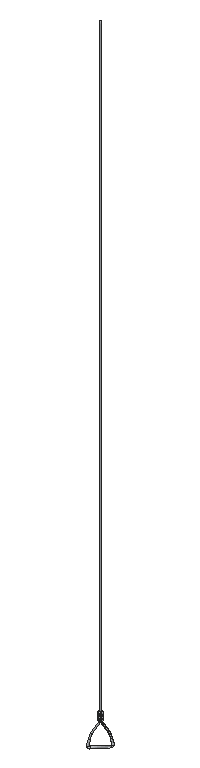
Revit family "Wire-HunterDouglas-Open-Cell", category Specialty Equipment, Revit 2012
Parameters (values of type "Parametric")
  ecoScorecard_data = "http://products.ecoscorecard.com/hunterdouglascontract/COC"
  ecoScorecard Product Page = "http://hunterdouglascontract.ecoscorecard.com/product/COC?base_search=product_category_A1035"
  Wire Hanger = Metal - Aluminum Frame - HunterDouglas - Painted White
  URL = "http://www.hunterdouglascontract.com/ceilings/index.jsp"
  Subcategory = "Metal – Cell Ceilings"  # constant formula
  Product Line = "Open Cell"  # constant formula
  Model = "Open Cell Hanger_Wire"  # constant formula
  Manufacturer = "Hunter Douglas Luxalon Metal Ceilings"  # constant formula
  Hanger Wire Height [instance] = 3' - 0"
  Description = "Hanger_Wire"  # constant formula
  Assembly Code = "C3030200"
  95 CSI = "09510"  # constant formula
  04 CSI = "09 51 00"  # constant formula
Reference planes (in)
  plane 1 "Center (Front/Back)": y = 0
  plane 2: z = 0
  plane 3 "Center (Left/Right)": x = 0
  plane 4: x = -0.77248
  plane 5: x = 0.77248
  plane 6: z = 2.4375
  plane 7: z = 2.5
  plane 8: z = 36
  plane 9: z = 36.21875
Dimensions and locks (in)
  equal spacing: plane 4, plane 3 "Center (Left/Right)", plane 5
  plane 4 to plane 5 = 0' - 1.54495"
  locked: plane 6 to plane 7 at 0.0625
  locked: plane 6 to level at 2.4375
  "Hanger Wire Height": plane 8 to level
  locked: plane 9 to plane 8 at 0.21875
  aligned and locked: level to plane 2
  aligned and locked: plane 3 "Center (Left/Right)" to nested 1
  aligned and locked: plane 1 "Center (Front/Back)" to nested 1
  aligned and locked: plane 6 to nested 1
Nested families (in)
  nested 1: "Wire" at (0, 0, 0), type "Wire"
Definition of nested family "Wire"
  Parameters (values of type "Wire")
    Wire Hanger = Metal - Aluminum Frame - HunterDouglas - Painted White
    URL = "http://www.hunterdouglascontract.com/ceilings/index.jsp"
    Subcategory = "Metal – Cell Ceilings"  # constant formula
    Product Line = "Open Cell"  # constant formula
    Model = "Open Cell Hanger_Wire"  # constant formula
    Manufacturer = "Hunter Douglas Luxalon Metal Ceilings"  # constant formula
    HangerWire Length = 3' - 0"
    Description = "Hanger_Wire"  # constant formula
    Assembly Code = "C3030200"
    95 CSI = "09510"  # constant formula
    04 CSI = "09 51 00"  # constant formula
  Reference planes (in)
    plane 1 "Center (Front/Back)": y = 0
    plane 2: z = 0
    plane 3 "Center (Left/Right)": x = 0
    plane 4: x = -0.77248
    plane 5: x = 0.77248
    plane 6: z = 2.4375
    plane 7: z = 2.5
    plane 8: z = 36
    plane 9: z = 36.21875
  Forms (in)
    Sweep 1, solid, material "Metal - Aluminum Frame - HunterDouglas - Painted White" <- "Wire Hanger", detail levels fine
      path origin (0, 0, 0) x (0.707107, 0.707107, 0) y (0, 0, 1)
        loop
          line (0.03125, 36.21875) -> (0.03125, 3.70793) -> (0.38236, 3.14135)
          arc (0.38236, 3.14135) -> (0.44435, 3.01623) -> (0.48166, 2.88166) r 0.73777
          line (0.48166, 2.88166) -> (0.5376, 2.56649)
          arc (0.5376, 2.56649) -> (0.51364, 2.47677) -> (0.42949, 2.4375) r 0.1098
          line (0.42949, 2.4375) -> (-0.42976, 2.4375)
          arc (-0.42976, 2.4375) -> (-0.51374, 2.47669) -> (-0.53765, 2.56622) r 0.10957
          line (-0.53765, 2.56622) -> (-0.48246, 2.87715)
          arc (-0.48246, 2.87715) -> (-0.44395, 3.01607) -> (-0.37995, 3.14524) r 0.76163
          line (-0.37995, 3.14524) -> (-0.0384, 3.69638)
      profile origin (-0.0001, -0.0001, 2.4375) x (0, 0, -1) y (0.707107, -0.707107, 0)
        loop
          circle (-0.03125, 0) r 0.03125
    Revolve 2, solid, material "Metal - Aluminum Frame - HunterDouglas - Painted White" <- "Wire Hanger", detail levels fine
      sketch origin (0.00705, -1.10535, 0.17393) x (0, 0.947216, -0.320596) y (0, 0.320596, 0.947216)
        loop
          line (-0.19925, 4.08974) -> (-0.26999, 4.08974)
          arc (-0.26999, 4.08974) -> (-0.30124, 4.05849) -> (-0.26999, 4.02724) r 0.03125
          line (-0.26999, 4.02724) -> (-0.19925, 4.02724) -> (-0.19925, 4.08974)
        axis (-0.19925, 4.02724) -> (-0.19925, 4.08974)
      angle from 0 to 360
    Revolve 3, solid, material "Metal - Aluminum Frame - HunterDouglas - Painted White" <- "Wire Hanger", detail levels fine
      sketch origin (0.00705, -1.10535, 0.04197) x (0, 0.947216, -0.320596) y (0, 0.320596, 0.947216)
        loop
          line (-0.19925, 4.08974) -> (-0.26999, 4.08974)
          arc (-0.26999, 4.08974) -> (-0.30124, 4.05849) -> (-0.26999, 4.02724) r 0.03125
          line (-0.26999, 4.02724) -> (-0.19925, 4.02724) -> (-0.19925, 4.08974)
        axis (-0.19925, 4.02724) -> (-0.19925, 4.08974)
      angle from 0 to 360
    Revolve 4, solid, material "Metal - Aluminum Frame - HunterDouglas - Painted White" <- "Wire Hanger", detail levels fine
      sketch origin (0.00705, -1.10535, 0.10916) x (0, 0.947216, -0.320596) y (0, 0.320596, 0.947216)
        loop
          line (-0.19925, 4.08974) -> (-0.26999, 4.08974)
          arc (-0.26999, 4.08974) -> (-0.30124, 4.05849) -> (-0.26999, 4.02724) r 0.03125
          line (-0.26999, 4.02724) -> (-0.19925, 4.02724) -> (-0.19925, 4.08974)
        axis (-0.19925, 4.02724) -> (-0.19925, 4.08974)
      angle from 0 to 360
    Revolve 5, solid, material "Metal - Aluminum Frame - HunterDouglas - Painted White" <- "Wire Hanger", detail levels fine
      sketch origin (0.00705, -1.10535, -0.02357) x (0, 0.947216, -0.320596) y (0, 0.320596, 0.947216)
        loop
          line (-0.19925, 4.08974) -> (-0.26999, 4.08974)
          arc (-0.26999, 4.08974) -> (-0.30124, 4.05849) -> (-0.26999, 4.02724) r 0.03125
          line (-0.26999, 4.02724) -> (-0.19925, 4.02724) -> (-0.19925, 4.08974)
        axis (-0.19925, 4.02724) -> (-0.19925, 4.08974)
      angle from 0 to 360
    Revolve 6, solid, material "Metal - Aluminum Frame - HunterDouglas - Painted White" <- "Wire Hanger", detail levels fine
      sketch origin (0.00705, -1.10535, -0.08912) x (0, 0.947216, -0.320596) y (0, 0.320596, 0.947216)
        loop
          line (-0.19925, 4.08974) -> (-0.26999, 4.08974)
          arc (-0.26999, 4.08974) -> (-0.30124, 4.05849) -> (-0.26999, 4.02724) r 0.03125
          line (-0.26999, 4.02724) -> (-0.19925, 4.02724) -> (-0.19925, 4.08974)
        axis (-0.19925, 4.02724) -> (-0.19925, 4.08974)
      angle from 0 to 360
    Revolve 7, solid, material "Metal - Aluminum Frame - HunterDouglas - Painted White" <- "Wire Hanger", detail levels fine
      sketch origin (0.00705, -1.10535, -0.15857) x (0, 0.947216, -0.320596) y (0, 0.320596, 0.947216)
        loop
          line (-0.19925, 4.08974) -> (-0.26999, 4.08974)
          arc (-0.26999, 4.08974) -> (-0.30124, 4.05849) -> (-0.26999, 4.02724) r 0.03125
          line (-0.26999, 4.02724) -> (-0.19925, 4.02724) -> (-0.19925, 4.08974)
        axis (-0.19925, 4.02724) -> (-0.19925, 4.08974)
      angle from 0 to 360
  Lines and regions (in)
    model lines, style "Wire", detail levels coarse+medium
      curve 1: line (0, 0, 36) -> (0, 0, 2.5)
    symbolic lines, style "Wire", detail levels fine
      curve 2: line (-0.38204, -0.33784, 0) -> (-0.08282, -0.03863, 0)
      curve 3: line (0.38204, 0.33784, 0) -> (0.09664, 0.05243, 0)
      curve 4: arc (0.33784, 0.38204, 0) -> (0.38204, 0.38204, 0) -> (0.38204, 0.33784, 0) r 0.03125
      curve 5: arc (-0.38204, -0.33784, 0) -> (-0.38204, -0.38204, 0) -> (-0.33784, -0.38204, 0) r 0.03125
      curve 6: circle (0.00691, 0.00691, 0) r 0.10062 normal (0, 0, 1)
      curve 7: circle (0, 0, 0) r 0.03125 normal (0, 0, 1)
      curve 8: line (0.05244, 0.09663, 0) -> (0.33784, 0.38204, 0)
      curve 9: line (-0.03862, -0.08282, 0) -> (-0.33784, -0.38204, 0)
      curve 14: line (-0.03122, 0, 36.21875) -> (0.03122, 0, 36.21875)
      curve 15: line (0.03122, 0, 36.21875) -> (0.03122, 0, 4.1081)
      curve 16: line (-0.02999, 0, 3.69117) -> (-0.27048, 0, 3.16052)
      curve 17: line (-0.39791, 0, 2.57083) -> (-0.33782, 0, 2.89346)
      curve 18: arc (-0.33782, 0, 2.89346) -> (-0.3161, 0, 3.03) -> (-0.27048, 0, 3.16052) r 0.77561
      curve 19: arc (-0.39791, 0, 2.57083) -> (-0.37867, 0, 2.48393) -> (-0.30275, 0, 2.4375) r 0.11373
      curve 20: line (0.08629, 0, 3.61911) -> (-0.02999, 0, 3.69117)
      curve 21: spline (-0.03122, 0, 3.69014) -> (-0.02944, 0, 3.69066) -> (-0.02594, 0, 3.69166) -> (-0.02092, 0, 3.6931) -> (-0.01467, 0, 3.69489) -> (-0.00756, 0, 3.69692) -> (0, 0, 3.69907) -> (0.00755, 0, 3.70122) -> (0.01466, 0, 3.70324) -> (0.02091, 0, 3.70501) -> (0.02594, 0, 3.70643) -> (0.02944, 0, 3.70742) -> (0.03122, 0, 3.70792)
      curve 22: line (0.00884, 0, 3.62544) -> (-0.21356, 0, 3.13472)
      curve 23: arc (-0.2757, 0, 2.88565) -> (-0.25593, 0, 3.013) -> (-0.21356, 0, 3.13472) r 0.71311
      curve 24: line (-0.33647, 0, 2.55939) -> (-0.2757, 0, 2.88565)
      curve 25: arc (-0.33647, 0, 2.55939) -> (-0.3278, 0, 2.52024) -> (-0.2936, 0, 2.49933) r 0.05123
      curve 26: line (0.03122, 0, 36.21875) -> (-0.03122, 0, 36.21875)
      curve 27: line (-0.03122, 0, 36.21875) -> (-0.03122, 0, 4.1296)
      curve 28: line (-0.2936, 0, 2.49933) -> (0, 0, 2.49933)
      curve 29: line (0, 0, 2.4375) -> (-0.30275, 0, 2.4375)
      curve 30: line (-0.03122, 0, 3.73252) -> (-0.03122, 0, 3.68845)
      curve 31: line (0.03122, 0, 3.68845) -> (0.27048, 0, 3.16052)
      curve 32: line (0.39791, 0, 2.57083) -> (0.33782, 0, 2.89346)
      curve 33: arc (0.33782, 0, 2.89346) -> (0.3161, 0, 3.03) -> (0.27048, 0, 3.16052) r 0.77561
      curve 34: arc (0.39791, 0, 2.57083) -> (0.37867, 0, 2.48393) -> (0.30275, 0, 2.4375) r 0.11373
      curve 35: spline (0.03122, 0, 3.69014) -> (0.02944, 0, 3.69066) -> (0.02594, 0, 3.69166) -> (0.02092, 0, 3.6931) -> (0.01467, 0, 3.69489) -> (0.00756, 0, 3.69692) -> (0, 0, 3.69907) -> (-0.00755, 0, 3.70122) -> (-0.01466, 0, 3.70324) -> (-0.02091, 0, 3.70501) -> (-0.02594, 0, 3.70643) -> (-0.02944, 0, 3.70742) -> (-0.03122, 0, 3.70792)
      curve 36: line (-0.00884, 0, 3.62544) -> (0.21356, 0, 3.13472)
      curve 37: arc (0.2757, 0, 2.88565) -> (0.25593, 0, 3.013) -> (0.21356, 0, 3.13472) r 0.71311
      curve 38: line (0.33647, 0, 2.55939) -> (0.2757, 0, 2.88565)
      curve 39: arc (0.33647, 0, 2.55939) -> (0.3278, 0, 2.52024) -> (0.2936, 0, 2.49933) r 0.05123
      curve 40: line (0.2936, 0, 2.49933) -> (0, 0, 2.49933)
      curve 41: line (0, 0, 2.4375) -> (0.30275, 0, 2.4375)
      curve 42: line (0.03122, 0, 3.73252) -> (0.03122, 0, 3.68845)
      curve 43: line (0, 0.03122, 3.68845) -> (0, 0.27048, 3.16052)
      curve 44: line (0, 0.39791, 2.57083) -> (0, 0.33782, 2.89346)
      curve 45: arc (0, 0.33782, 2.89346) -> (0, 0.3161, 3.03) -> (0, 0.27048, 3.16052) r 0.77561
      curve 46: arc (0, 0.39791, 2.57083) -> (0, 0.37867, 2.48393) -> (0, 0.30275, 2.4375) r 0.11373
      curve 47: line (0, -0.00884, 3.62544) -> (0, 0.21356, 3.13472)
      curve 48: arc (0, 0.2757, 2.88565) -> (0, 0.25593, 3.013) -> (0, 0.21356, 3.13472) r 0.71311
      curve 49: line (0, 0.33647, 2.55939) -> (0, 0.2757, 2.88565)
      curve 50: arc (0, 0.33647, 2.55939) -> (0, 0.3278, 2.52024) -> (0, 0.2936, 2.49933) r 0.05123
      curve 51: line (0, 0.2936, 2.49933) -> (0, 0, 2.49933)
      curve 52: line (0, 0, 2.4375) -> (0, 0.30275, 2.4375)
      curve 53: line (0, -0.03122, 3.68845) -> (0, -0.27048, 3.16052)
      curve 54: line (0, -0.39791, 2.57083) -> (0, -0.33782, 2.89346)
      curve 55: arc (0, -0.33782, 2.89346) -> (0, -0.3161, 3.03) -> (0, -0.27048, 3.16052) r 0.77561
      curve 56: arc (0, -0.39791, 2.57083) -> (0, -0.37867, 2.48393) -> (0, -0.30275, 2.4375) r 0.11373
      curve 57: line (0, 0.00884, 3.62544) -> (0, -0.21356, 3.13472)
      curve 58: arc (0, -0.2757, 2.88565) -> (0, -0.25593, 3.013) -> (0, -0.21356, 3.13472) r 0.71311
      curve 59: line (0, -0.33647, 2.55939) -> (0, -0.2757, 2.88565)
      curve 60: arc (0, -0.33647, 2.55939) -> (0, -0.3278, 2.52024) -> (0, -0.2936, 2.49933) r 0.05123
      curve 61: line (0, -0.2936, 2.49933) -> (0, 0, 2.49933)
      curve 62: line (0, 0, 2.4375) -> (0, -0.30275, 2.4375)
      curve 63: line (0, -0.03122, 3.73252) -> (0, -0.03122, 3.68845)
      curve 64: line (0, -0.04684, 4.13498) -> (0, 0.08788, 4.08859)
      curve 65: line (0, -0.07537, 4.07858) -> (0, 0.06749, 4.02939)
      curve 66: arc (0, 0.08788, 4.08859) -> (0, 0.10729, 4.0488) -> (0, 0.06749, 4.02939) r 0.03131
      curve 67: arc (0, -0.04684, 4.13498) -> (0, -0.08569, 4.11922) -> (0, -0.07537, 4.07858) r 0.0319
      curve 68: arc (0, 0.08788, 4.02237) -> (0, 0.10784, 3.98437) -> (0, 0.0711, 3.96216) r 0.03131
      curve 69: arc (0, -0.04684, 4.06876) -> (0, -0.08551, 4.05335) -> (0, -0.07602, 4.01282) r 0.0319
      curve 70: line (0, -0.07602, 4.01282) -> (0, 0.0711, 3.96216)
      curve 71: arc (0, 0.08788, 3.95615) -> (0, 0.10784, 3.91815) -> (0, 0.0711, 3.89594) r 0.03131
      curve 72: arc (0, -0.04684, 4.00254) -> (0, -0.08551, 3.98713) -> (0, -0.07602, 3.9466) r 0.0319
      curve 73: line (0, -0.07602, 3.9466) -> (0, 0.0711, 3.89594)
      curve 74: arc (0, 0.08788, 3.88993) -> (0, 0.10784, 3.85193) -> (0, 0.0711, 3.82972) r 0.03131
      curve 75: arc (0, -0.04684, 3.93632) -> (0, -0.08551, 3.92091) -> (0, -0.07602, 3.88038) r 0.0319
      curve 76: line (0, -0.07602, 3.88038) -> (0, 0.0711, 3.82972)
      curve 77: arc (0, 0.08788, 3.82371) -> (0, 0.10784, 3.78571) -> (0, 0.0711, 3.7635) r 0.03131
      curve 78: arc (0, -0.04684, 3.8701) -> (0, -0.08551, 3.85469) -> (0, -0.07602, 3.81416) r 0.0319
      curve 79: line (0, -0.07602, 3.81416) -> (0, 0.0711, 3.7635)
      curve 80: arc (0, 0.08788, 3.75749) -> (0, 0.10784, 3.71949) -> (0, 0.0711, 3.69728) r 0.03131
      curve 81: arc (0, -0.04684, 3.80388) -> (0, -0.08551, 3.78847) -> (0, -0.07602, 3.74794) r 0.0319
      curve 82: line (0, -0.07602, 3.74794) -> (0, 0.0711, 3.69728)
      curve 83: line (0, -0.03122, 3.73252) -> (0, -0.03122, 3.68845)
      curve 84: spline (0, 0.03122, 3.69014) -> (0, 0.02944, 3.69066) -> (0, 0.02594, 3.69166) -> (0, 0.02092, 3.6931) -> (0, 0.01467, 3.69489) -> (0, 0.00756, 3.69692) -> (0, 0, 3.69907) -> (0, -0.00755, 3.70122) -> (0, -0.01466, 3.70324) -> (0, -0.02091, 3.70501) -> (0, -0.02594, 3.70643) -> (0, -0.02944, 3.70742) -> (0, -0.03122, 3.70792)
      curve 85: line (0, 0.03122, 3.71102) -> (0, 0.03122, 3.68845)
    symbolic lines, style "Wire"
      curve 10: line (0, 0.03125, 36.21875) -> (0, -0.03125, 36.21875)
      curve 11: line (0, -0.03125, 36.21875) -> (0, -0.03125, 4.05165)
      curve 12: arc (0, 0.03125, 4.05165) -> (0, 0, 4.04216) -> (0, -0.03125, 4.05165) r 0.05621
      curve 13: line (0, 0.03125, 4.05165) -> (0, 0.03125, 36.21875)
      curve 86: arc (-0.07801, 0, 3.78381) -> (-0.09482, 0, 3.81838) -> (-0.07483, 0, 3.85122) r 0.04011
      curve 87: arc (-0.07459, 0, 3.85136) -> (-0.03526, 0, 3.86711) -> (0.00686, 0, 3.87167) r 0.15569
      curve 88: arc (0.09173, 0, 3.78381) -> (0.10854, 0, 3.81838) -> (0.08855, 0, 3.85122) r 0.04011
      curve 89: arc (0.0883, 0, 3.85136) -> (0.04898, 0, 3.86711) -> (0.00686, 0, 3.87167) r 0.15569
      curve 90: arc (-0.07483, 0, 3.85122) -> (-0.09482, 0, 3.88413) -> (-0.07788, 0, 3.91872) r 0.04011
      curve 91: arc (-0.07459, 0, 3.92081) -> (-0.03526, 0, 3.93656) -> (0.00686, 0, 3.94112) r 0.15569
      curve 92: arc (0.08855, 0, 3.85122) -> (0.10858, 0, 3.88609) -> (0.0883, 0, 3.92081) r 0.04011
      curve 93: arc (0.0883, 0, 3.92081) -> (0.04898, 0, 3.93656) -> (0.00686, 0, 3.94112) r 0.15569
      curve 94: arc (-0.07788, 0, 3.91872) -> (-0.09482, 0, 3.95344) -> (-0.07459, 0, 3.98635) r 0.04011
      curve 95: arc (-0.07459, 0, 3.98635) -> (-0.03526, 0, 4.0021) -> (0.00686, 0, 4.00666) r 0.15569
      curve 96: arc (0.0916, 0, 3.91872) -> (0.10853, 0, 3.95344) -> (0.0883, 0, 3.98635) r 0.04011
      curve 97: arc (0.0883, 0, 3.98635) -> (0.04898, 0, 4.0021) -> (0.00686, 0, 4.00666) r 0.15569
      curve 98: arc (-0.07788, 0, 3.98426) -> (-0.09486, 0, 4.01703) -> (-0.07788, 0, 4.0498) r 0.04011
      curve 99: arc (-0.07459, 0, 4.05189) -> (-0.03526, 0, 4.06764) -> (0.00686, 0, 4.0722) r 0.15569
      curve 100: arc (0.0916, 0, 3.98426) -> (0.10858, 0, 4.01703) -> (0.0916, 0, 4.0498) r 0.04011
      curve 101: arc (0.0883, 0, 4.05189) -> (0.04898, 0, 4.06764) -> (0.00686, 0, 4.0722) r 0.15569
      curve 102: arc (-0.07788, 0, 4.0498) -> (-0.09482, 0, 4.08452) -> (-0.07459, 0, 4.11744) r 0.04011
      curve 103: arc (-0.07459, 0, 4.11744) -> (-0.03526, 0, 4.13318) -> (0.00686, 0, 4.13774) r 0.15569
      curve 104: arc (0.0916, 0, 4.0498) -> (0.10853, 0, 4.08452) -> (0.0883, 0, 4.11744) r 0.04011
      curve 105: arc (0.0883, 0, 4.11744) -> (0.04898, 0, 4.13318) -> (0.00686, 0, 4.13774) r 0.15569
      curve 106: arc (-0.07788, 0, 3.71818) -> (-0.09482, 0, 3.75291) -> (-0.07459, 0, 3.78582) r 0.04011
      curve 107: arc (-0.07801, 0, 3.78381) -> (-0.03718, 0, 3.80107) -> (0.00686, 0, 3.80613) r 0.15569
      curve 108: arc (0.0916, 0, 3.71818) -> (0.10853, 0, 3.75291) -> (0.0883, 0, 3.78582) r 0.04011
      curve 109: arc (0.09173, 0, 3.78381) -> (0.0509, 0, 3.80107) -> (0.00686, 0, 3.80613) r 0.15569
      curve 110: arc (-0.07788, 0, 3.71818) -> (-0.05245, 0, 3.70483) -> (-0.02439, 0, 3.69871) r 0.10721
      curve 111: arc (0.0916, 0, 3.71818) -> (0.06617, 0, 3.70483) -> (0.03811, 0, 3.69871) r 0.10721
  Dimensions and locks (in)
    equal spacing: plane 4, plane 3 "Center (Left/Right)", plane 5
    plane 4 to plane 5 = 0' - 1.54495"
    locked: plane 6 to plane 7 at 0.0625
    locked: plane 6 to level at 2.4375
    "HangerWire Length": plane 8 to level
    locked: plane 9 to plane 8 at 0.21875
    aligned and locked: level to plane 2
    aligned and locked: Sweep 1 sketch curve to plane 6
    aligned and locked: curve 1 to plane 3 "Center (Left/Right)"
    aligned and locked: plane 7 to curve 1
    aligned and locked: plane 8 to curve 1
    aligned and locked: plane 9 to curve 26
    aligned and locked: plane 9 to Sweep 1 sketch curve
    aligned and locked: curve 10 to plane 9
  Automatic sketch dimensions
    curve 12 to plane 1 "Center (Front/Back)" = 0' - 0"
    plane 1 "Center (Front/Back)" to curve 11 = 0' - 0 1/32"
    curve 13 to plane 1 "Center (Front/Back)" = 0' - 0 1/32"
    curve 12 to curve 12 = 0' - 0.04672"
    curve 18 to curve 23 = 0' - 0"  (x2)
    curve 19 to curve 25 = 0' - 0"  (x2)
    curve 33 to curve 37 = 0' - 0"  (x2)
    curve 34 to curve 39 = 0' - 0"  (x2)
    curve 19 to plane 6 = 0' - 0"
    curve 41 to plane 3 "Center (Left/Right)" = 0' - 0"
    curve 40 to plane 3 "Center (Left/Right)" = 0' - 0"
    curve 35 to plane 3 "Center (Left/Right)" = 0' - 0"
    curve 36 to plane 3 "Center (Left/Right)" = 0' - 0.00884"
    curve 16 to plane 3 "Center (Left/Right)" = 0' - 0.02999"
    curve 14 to plane 3 "Center (Left/Right)" = 0' - 0.03122"
    curve 35 to curve 16 = 0' - 0.00123"
    curve 21 to curve 21 = 0' - 0.00021"
    curve 22 to plane 3 "Center (Left/Right)" = 0' - 0.21356"
    curve 18 to curve 23 = 0' - 0.05693"
    curve 23 to curve 22 = 0' - 0.06215"
    plane 7 to curve 19 = 0' - 0.05001"
    curve 19 to plane 3 "Center (Left/Right)" = 0' - 0.2861"
    curve 25 to plane 7 = 0' - 0.00067"
    curve 25 to curve 19 = 0' - 0.0075"
    curve 29 to curve 28 = 0' - 0.00915"
    curve 25 to curve 19 = 0' - 0.05037"
    curve 17 to curve 23 = 0' - 0.06212"
    plane 7 to curve 17 = 0' - 0.07083"
    curve 37 to curve 17 = 0' - 0.09814"
    plane 3 "Center (Left/Right)" to curve 21 = 0' - 0"
    plane 3 "Center (Left/Right)" to curve 22 = 0' - 0.00884"
    plane 3 "Center (Left/Right)" to curve 42 = 0' - 0.03122"
    plane 3 "Center (Left/Right)" to curve 14 = 0' - 0.03122"
    curve 35 to curve 31 = 0' - 0"
    curve 35 to curve 35 = 0' - 0.00021"
    curve 22 to curve 20 = 0' - 0.07745"
    plane 3 "Center (Left/Right)" to curve 37 = 0' - 0.21356"
    curve 36 to curve 31 = 0' - 0.05693"
    curve 37 to curve 38 = 0' - 0.06215"
    plane 7 to curve 39 = 0' - 0.05001"
    plane 3 "Center (Left/Right)" to curve 39 = 0' - 0.2861"
    curve 34 to curve 40 = 0' - 0.0075"
    curve 39 to curve 34 = 0' - 0.00915"
    curve 34 to curve 39 = 0' - 0.05037"
    curve 38 to curve 33 = 0' - 0.06212"
    curve 38 to curve 34 = 0' - 0.06144"
    curve 33 to curve 23 = 0' - 0.09814"
    curve 19 to curve 33 = 0' - 0 69/256"
    curve 34 to curve 18 = 0' - 0 69/256"
    curve 33 to curve 23 = 0' - 0.04529"
    curve 18 to curve 37 = 0' - 0.04529"
    curve 38 to curve 32 = 0' - 0 1/128"
    curve 23 to curve 18 = 0' - 0 1/128"
    curve 33 to curve 20 = 0' - 0.4586"
    curve 20 to curve 36 = 0' - 0.00633"
    curve 22 to curve 36 = 0' - 0"
    curve 36 to curve 30 = 0' - 0.06301"
    curve 42 to curve 16 = 0' - 0.00272"
    curve 31 to curve 35 = 0' - 0.00163"
    curve 30 to curve 21 = 0' - 0.00163"
    curve 35 to curve 35 = 0' - 0.00006"
    curve 21 to curve 21 = 0' - 0.00006"
    curve 35 to curve 30 = 0' - 0.0246"
    curve 21 to curve 42 = 0' - 0.0246"
    curve 42 to curve 15 = 0' - 0.37558"
    curve 15 to curve 27 = 0' - 0.0215"
    plane 1 "Center (Front/Back)" to curve 7 = 0' - 0"
    curve 7 to plane 3 "Center (Left/Right)" = 0' - 0"
    curve 9 to plane 3 "Center (Left/Right)" = 0' - 0.03862"
    plane 1 "Center (Front/Back)" to curve 2 = 0' - 0.03863"
    curve 2 to curve 9 = 0' - 0.0442"
    curve 5 to plane 3 "Center (Left/Right)" = 0' - 0.33784"
    curve 5 to curve 9 = 0' - 0.0221"
    curve 5 to curve 5 = 0' - 0.0221"
    plane 3 "Center (Left/Right)" to curve 6 = 0' - 0.00691"
    plane 3 "Center (Left/Right)" to curve 8 = 0' - 0.05244"
    curve 8 to curve 3 = 0' - 0.0442"
    plane 3 "Center (Left/Right)" to curve 4 = 0' - 0.33784"
    curve 4 to curve 4 = 0' - 0.0221"
    curve 4 to curve 3 = 0' - 0.0221"
    curve 9 to curve 2 = 0' - 0.0442"
    plane 1 "Center (Front/Back)" to curve 2 = 0' - 0.33784"
    curve 5 to curve 2 = 0' - 0.0221"
    curve 4 to plane 1 "Center (Front/Back)" = 0' - 0.33784"
    curve 3 to curve 4 = 0' - 0.0221"
    plane 7 to Sweep 1 sketch curve = 0' - 0.06622"
    plane 7 to Sweep 1 sketch curve = 0' - 0.37715"
    Sweep 1 sketch curve to Sweep 1 sketch curve = 0' - 0.05519"
    Sweep 1 sketch curve to Sweep 1 sketch curve = 0' - 0.10788"
    Sweep 1 sketch curve to Sweep 1 sketch curve = 0' - 0.10251"
    Sweep 1 sketch curve to Sweep 1 sketch curve = 0' - 0.2377"
    plane 7 to Sweep 1 sketch curve = 0' - 1.19638"
    Sweep 1 sketch curve to Sweep 1 sketch curve = 0' - 0.34154"
    Sweep 1 sketch curve to Sweep 1 sketch curve = 0' - 0.06965"
    plane 7 to Sweep 1 sketch curve = 0' - 0.24405"
    Sweep 1 sketch curve to Sweep 1 sketch curve = 0' - 0.51221"
    Sweep 1 sketch curve to Sweep 1 sketch curve = 0' - 0.1149"
    Sweep 1 sketch curve to Sweep 1 sketch curve = 0' - 0.16204"
    Sweep 1 sketch curve to Sweep 1 sketch curve = 0' - 0.21421"
    plane 7 to Sweep 1 sketch curve = 0' - 0.06649"
    Sweep 1 sketch curve to Sweep 1 sketch curve = 0' - 0.10811"
    plane 7 to Sweep 1 sketch curve = 0' - 0.25273"
    Sweep 1 sketch curve to Sweep 1 sketch curve = 0' - 0.13761"
    Sweep 1 sketch curve to Sweep 1 sketch curve = 0' - 0.01154"
    Sweep 1 sketch curve to profile plane = 0' - 0"
    profile plane to Sweep 1 sketch curve = 0' - 0 1/32"
    plane 1 "Center (Front/Back)" to Revolve 2 sketch curve = 0' - 0.06997"
    plane 7 to Revolve 2 sketch curve = 0' - 1.57516"
    Revolve 2 sketch curve to Revolve 2 sketch curve = 0' - 0.07074"
    Revolve 2 sketch curve to Revolve 2 sketch curve = 0' - 0"  (x2)
    Revolve 2 sketch curve to Revolve 2 sketch curve = 0' - 0 1/32"
    Revolve 2 sketch curve to Revolve 2 sketch curve = 0' - 0.02781"
    plane 1 "Center (Front/Back)" to Revolve 3 sketch curve = 0' - 0.06997"
    plane 7 to Revolve 3 sketch curve = 0' - 1.44319"
    Revolve 3 sketch curve to Revolve 3 sketch curve = 0' - 0.07074"
    Revolve 3 sketch curve to Revolve 3 sketch curve = 0' - 0"  (x2)
    Revolve 3 sketch curve to Revolve 3 sketch curve = 0' - 0 1/32"
    Revolve 3 sketch curve to Revolve 3 sketch curve = 0' - 0.02781"
    curve 45 to curve 48 = 0' - 0"  (x2)
    curve 46 to curve 50 = 0' - 0"  (x2)
    curve 55 to curve 58 = 0' - 0"  (x2)
    curve 56 to curve 60 = 0' - 0"  (x2)
    plane 6 to curve 46 = 0' - 0"
    curve 61 to plane 1 "Center (Front/Back)" = 0' - 0"
    curve 52 to plane 1 "Center (Front/Back)" = 0' - 0"
    curve 57 to plane 1 "Center (Front/Back)" = 0' - 0.00884"
    curve 85 to plane 1 "Center (Front/Back)" = 0' - 0.03122"
    curve 84 to curve 43 = 0' - 0"
    curve 84 to curve 84 = 0' - 0.00021"
    curve 65 to plane 1 "Center (Front/Back)" = 0' - 0.06749"
    curve 73 to plane 1 "Center (Front/Back)" = 0' - 0.0711"
    curve 68 to curve 71 = 0' - 0"
    curve 79 to curve 85 = 0' - 0.03988"
    curve 82 to curve 84 = 0' - 0.03967"
    curve 76 to curve 73 = 0' - 0"
    curve 74 to curve 74 = 0' - 0.00658"
    curve 68 to curve 68 = 0' - 0.00658"
    curve 77 to curve 79 = 0' - 0.00658"
    curve 80 to curve 80 = 0' - 0.00658"
    curve 71 to curve 73 = 0' - 0.00658"
    curve 66 to curve 66 = 0' - 0.01019"
    curve 80 to curve 79 = 0' - 0.01678"
    curve 77 to curve 76 = 0' - 0.01678"
    curve 64 to curve 66 = 0' - 0.01019"
    curve 71 to curve 70 = 0' - 0.01678"
    curve 68 to curve 66 = 0' - 0.02038"
    curve 74 to curve 73 = 0' - 0.01678"
    curve 48 to plane 1 "Center (Front/Back)" = 0' - 0.21356"
    curve 45 to curve 47 = 0' - 0.05693"
    curve 48 to curve 48 = 0' - 0.06215"
    plane 7 to curve 46 = 0' - 0.05001"
    curve 46 to plane 1 "Center (Front/Back)" = 0' - 0.2861"
    curve 50 to plane 7 = 0' - 0.00067"
    curve 50 to curve 46 = 0' - 0.0075"
    curve 52 to curve 50 = 0' - 0.00915"
    plane 7 to curve 49 = 0' - 0.05939"
    curve 44 to curve 48 = 0' - 0.06212"
    curve 46 to curve 49 = 0' - 0.06144"
    curve 55 to curve 45 = 0' - 0.09814"
    plane 1 "Center (Front/Back)" to curve 84 = 0' - 0"
    plane 1 "Center (Front/Back)" to curve 47 = 0' - 0.00884"
    plane 1 "Center (Front/Back)" to curve 83 = 0' - 0.03122"
    plane 1 "Center (Front/Back)" to curve 64 = 0' - 0.04684"
    plane 1 "Center (Front/Back)" to curve 69 = 0' - 0.04684"
    plane 1 "Center (Front/Back)" to curve 72 = 0' - 0.04684"
    plane 1 "Center (Front/Back)" to curve 81 = 0' - 0.04684"
    plane 1 "Center (Front/Back)" to curve 78 = 0' - 0.04684"
    plane 1 "Center (Front/Back)" to curve 75 = 0' - 0.04684"
    curve 72 to curve 72 = 0' - 0.01039"
    curve 67 to curve 67 = 0' - 0.01039"
    curve 81 to curve 81 = 0' - 0.01039"
    curve 69 to curve 69 = 0' - 0.01039"
    curve 78 to curve 78 = 0' - 0.01039"
    curve 75 to curve 75 = 0' - 0.01039"
    curve 69 to curve 67 = 0' - 0.02853"
    curve 75 to curve 73 = 0' - 0.02918"
    curve 72 to curve 69 = 0' - 0.02918"
    curve 81 to curve 81 = 0' - 0.01879"
    curve 78 to curve 75 = 0' - 0.02918"
    curve 81 to curve 79 = 0' - 0.02918"
    plane 1 "Center (Front/Back)" to curve 57 = 0' - 0.21356"
    curve 57 to curve 55 = 0' - 0.05693"
    curve 58 to curve 58 = 0' - 0.06215"
    plane 7 to curve 60 = 0' - 0.05001"
    plane 1 "Center (Front/Back)" to curve 60 = 0' - 0.2861"
    curve 56 to curve 60 = 0' - 0.0075"
    curve 60 to curve 62 = 0' - 0.00915"
    curve 56 to curve 60 = 0' - 0.05037"
    curve 58 to curve 55 = 0' - 0.06212"
    plane 7 to curve 54 = 0' - 0.07083"
    curve 54 to curve 45 = 0' - 0.09814"
    curve 56 to curve 45 = 0' - 0 69/256"
    curve 44 to curve 55 = 0' - 0 69/256"
    curve 45 to curve 59 = 0' - 0.04529"
    curve 55 to curve 49 = 0' - 0.04529"
    curve 58 to curve 54 = 0' - 0 1/128"
    curve 48 to curve 44 = 0' - 0 1/128"
    curve 57 to curve 47 = 0' - 0.49072"
    curve 57 to curve 47 = 0' - 0"
    curve 47 to curve 53 = 0' - 0.06301"
    curve 43 to curve 53 = 0' - 0"
    curve 43 to curve 84 = 0' - 0.00163"
    curve 84 to curve 84 = 0' - 0.00006"
    curve 84 to curve 80 = 0' - 0.00721"
    curve 84 to curve 85 = 0' - 0.02087"
    curve 80 to curve 80 = 0' - 0.03061"
    curve 80 to curve 79 = 0' - 0.00601"
    curve 81 to curve 81 = 0' - 0.02577"
    curve 79 to curve 77 = 0' - 0.03061"
    curve 81 to curve 79 = 0' - 0.01028"
    curve 77 to curve 74 = 0' - 0.00601"
    curve 78 to curve 78 = 0' - 0.02577"
    curve 74 to curve 74 = 0' - 0.03061"
    curve 78 to curve 75 = 0' - 0.01028"
    curve 74 to curve 73 = 0' - 0.00601"
    curve 75 to curve 75 = 0' - 0.02577"
    curve 73 to curve 71 = 0' - 0.03061"
    curve 75 to curve 72 = 0' - 0.01028"
    curve 71 to curve 68 = 0' - 0.00601"
    curve 72 to curve 72 = 0' - 0.02577"
    curve 68 to curve 68 = 0' - 0.03061"
    curve 72 to curve 69 = 0' - 0.01028"
    curve 68 to curve 66 = 0' - 0.00702"
    curve 70 to curve 69 = 0' - 0.02577"
    curve 66 to curve 66 = 0' - 0.0296"
    curve 65 to curve 67 = 0' - 0.02623"
    curve 86 to plane 3 "Center (Left/Right)" = 0' - 0.07801"
    curve 94 to plane 3 "Center (Left/Right)" = 0' - 0.07788"
    curve 98 to curve 94 = 0' - 0"
    curve 98 to curve 98 = 0' - 0"
    curve 107 to curve 110 = 0' - 0.00013"
    curve 86 to curve 90 = 0' - 0.00318"
    curve 102 to curve 99 = 0' - 0.0033"
    curve 98 to curve 95 = 0' - 0.0033"
    curve 90 to curve 87 = 0' - 0.00025"
    curve 86 to curve 106 = 0' - 0.00342"
    curve 94 to curve 91 = 0' - 0.0033"
    curve 94 to curve 95 = 0' - 0"
    curve 102 to curve 99 = 0' - 0"
    curve 103 to curve 102 = 0' - 0"
    curve 110 to curve 106 = 0' - 0.02313"
    curve 106 to curve 86 = 0' - 0.01984"
    curve 99 to curve 102 = 0' - 0.01984"
    curve 87 to curve 90 = 0' - 0.01984"
    curve 91 to curve 94 = 0' - 0.01984"
    curve 95 to curve 98 = 0' - 0.01984"
    curve 110 to plane 3 "Center (Left/Right)" = 0' - 0.02439"
    curve 110 to plane 3 "Center (Left/Right)" = 0' - 0.01579"
    plane 3 "Center (Left/Right)" to curve 107 = 0' - 0.00241"
    plane 3 "Center (Left/Right)" to curve 99 = 0' - 0.00241"
    plane 3 "Center (Left/Right)" to curve 91 = 0' - 0.00241"
    plane 3 "Center (Left/Right)" to curve 87 = 0' - 0.00241"
    plane 3 "Center (Left/Right)" to curve 103 = 0' - 0.00241"
    plane 3 "Center (Left/Right)" to curve 95 = 0' - 0.00241"
    plane 3 "Center (Left/Right)" to curve 103 = 0' - 0.00686"
    plane 3 "Center (Left/Right)" to curve 101 = 0' - 0.00686"
    plane 3 "Center (Left/Right)" to curve 97 = 0' - 0.00686"
    plane 3 "Center (Left/Right)" to curve 87 = 0' - 0.00686"
    plane 3 "Center (Left/Right)" to curve 109 = 0' - 0.00686"
    plane 3 "Center (Left/Right)" to curve 91 = 0' - 0.00686"
    curve 107 to curve 109 = 0' - 0.00891"
    curve 103 to curve 105 = 0' - 0.00891"
    curve 99 to curve 101 = 0' - 0.00891"
    curve 87 to curve 89 = 0' - 0.00891"
    curve 91 to curve 93 = 0' - 0.00891"
    curve 95 to curve 97 = 0' - 0.00891"
    curve 107 to curve 111 = 0' - 0.02264"
    curve 89 to curve 111 = 0' - 0.0268"
    curve 87 to curve 92 = 0' - 0.06161"
    curve 99 to curve 104 = 0' - 0.06161"
    curve 111 to curve 88 = 0' - 0.03896"
    curve 91 to curve 96 = 0' - 0.06161"
    curve 111 to curve 108 = 0' - 0.03036"
    curve 97 to curve 100 = 0' - 0.06161"
    curve 96 to curve 93 = 0' - 0.01984"
    curve 104 to curve 101 = 0' - 0.01984"
    curve 100 to curve 97 = 0' - 0.01984"
    curve 92 to curve 89 = 0' - 0.01984"
    curve 96 to curve 97 = 0' - 0"
    curve 104 to curve 104 = 0' - 0.01984"
    curve 105 to curve 104 = 0' - 0"
    curve 92 to curve 93 = 0' - 0"
    curve 88 to curve 108 = 0' - 0.01984"
    curve 89 to curve 88 = 0' - 0.00025"
    curve 108 to curve 111 = 0' - 0.02313"
    curve 92 to curve 96 = 0' - 0.0033"
    curve 101 to curve 100 = 0' - 0.0033"
    curve 96 to curve 100 = 0' - 0.0033"
    curve 108 to curve 109 = 0' - 0.00342"
    plane 7 to curve 107 = 0' - 1.1505"
    curve 109 to curve 107 = 0' - 0"
    curve 107 to curve 110 = 0' - 0.04821"
    curve 109 to curve 111 = 0' - 0.04821"
    curve 111 to curve 89 = 0' - 0.01733"
    curve 87 to curve 89 = 0' - 0"
    curve 111 to curve 108 = 0' - 0.01947"
    curve 110 to curve 110 = 0' - 0.01947"
    curve 111 to curve 108 = 0' - 0.03277"
    curve 110 to curve 106 = 0' - 0.03277"
    curve 109 to curve 108 = 0' - 0.00201"
    curve 93 to curve 107 = 0' - 0.02063"
    curve 91 to curve 93 = 0' - 0"
    curve 108 to curve 88 = 0' - 0.03068"
    curve 106 to curve 86 = 0' - 0.03068"
    curve 109 to curve 95 = 0' - 0.04491"
    curve 97 to curve 95 = 0' - 0"
    curve 90 to curve 87 = 0' - 0.00014"
    curve 87 to curve 90 = 0' - 0.03458"
    curve 101 to curve 91 = 0' - 0.02454"
    curve 99 to curve 101 = 0' - 0"
    curve 103 to curve 95 = 0' - 0.02454"
    curve 105 to curve 103 = 0' - 0"
    curve 100 to curve 96 = 0' - 0.00209"
    curve 98 to curve 95 = 0' - 0.00209"
    curve 97 to curve 100 = 0' - 0.03068"
    curve 100 to curve 101 = 0' - 0.00209"
    plane 1 "Center (Front/Back)" to Revolve 4 sketch curve = 0' - 0.06997"
    plane 7 to Revolve 4 sketch curve = 0' - 1.51039"
    Revolve 4 sketch curve to Revolve 4 sketch curve = 0' - 0.07074"
    Revolve 4 sketch curve to Revolve 4 sketch curve = 0' - 0"  (x2)
    Revolve 4 sketch curve to Revolve 4 sketch curve = 0' - 0 1/32"
    Revolve 4 sketch curve to Revolve 4 sketch curve = 0' - 0.02781"
    plane 1 "Center (Front/Back)" to Revolve 5 sketch curve = 0' - 0.06997"
    plane 7 to Revolve 5 sketch curve = 0' - 1.37765"
    Revolve 5 sketch curve to Revolve 5 sketch curve = 0' - 0.07074"
    Revolve 5 sketch curve to Revolve 5 sketch curve = 0' - 0"  (x2)
    Revolve 5 sketch curve to Revolve 5 sketch curve = 0' - 0 1/32"
    Revolve 5 sketch curve to Revolve 5 sketch curve = 0' - 0.02781"
    plane 1 "Center (Front/Back)" to Revolve 6 sketch curve = 0' - 0.06997"
    plane 7 to Revolve 6 sketch curve = 0' - 1.31211"
    Revolve 6 sketch curve to Revolve 6 sketch curve = 0' - 0.07074"
    Revolve 6 sketch curve to Revolve 6 sketch curve = 0' - 0"  (x2)
    Revolve 6 sketch curve to Revolve 6 sketch curve = 0' - 0 1/32"
    Revolve 6 sketch curve to Revolve 6 sketch curve = 0' - 0.02781"
    plane 1 "Center (Front/Back)" to Revolve 7 sketch curve = 0' - 0.06997"
    plane 7 to Revolve 7 sketch curve = 0' - 1.24266"
    Revolve 7 sketch curve to Revolve 7 sketch curve = 0' - 0.07074"
    Revolve 7 sketch curve to Revolve 7 sketch curve = 0' - 0"  (x2)
    Revolve 7 sketch curve to Revolve 7 sketch curve = 0' - 0 1/32"
    Revolve 7 sketch curve to Revolve 7 sketch curve = 0' - 0.02781"
    plane 7 to curve 12 = 0' - 1.59837"
    radius of curve 7 = 0' - 0 1/32"
    radius of Sweep 1 sketch curve = 0' - 0 1/32"
